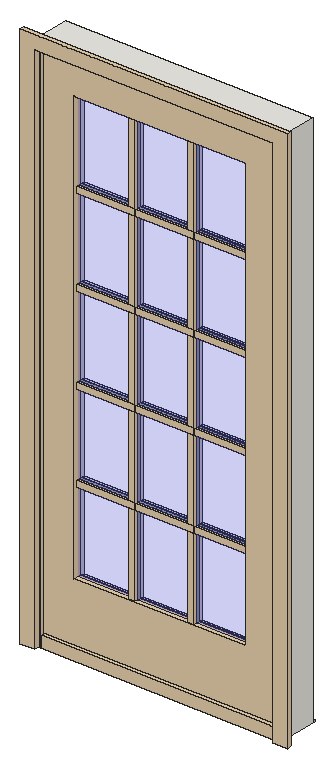
Revit family "Door-Inswing-Andersen-400_Series-Single 3", category Doors, host Wall, Revit 2013
Parameters
  Visual Light Transmittance = 0.37  # constant formula
  Type Comments = "Vinyl-clad wood single inswing door"  # constant formula
  Thermal Resistance (R) = 0.58703  # 3.3333 (h·ft²·°F)/BTU
  Solar Heat Gain Coefficient = 0.16  # constant formula
  Rough Width = Width + (Rough Opening Offset * 2)  # 3' - 1"
  Rough Height = if(1 > 0, Height + 0' 0 1/2", 0' 0")  # 6' - 8 1/2"
  Learn About These Parameters = "http://www.andersenwindows.com/for-professionals/cad-symbols-bim-support-window-doors/bim-support"
  Heat Transfer Coefficient (U) = 1.7035  # 0.3000 BTU/(h·ft²·°F)
  Grille Bar Sizes = "3/4'', 7/8'', 1 1/8'', 2 1/4''"  # constant formula
  Between Glass Grille Bar Sizes = "3/4'', 1''"  # constant formula
  Interior Trim Visibility = yes
  Grille Bar Size = 0' - 0 7/8"
  Enter Pattern Number = 1
  ..Pattern Number 1 = "Colonial"  # constant formula
  . . Lights Wide = 3
  . . Lights High = 5
  ..Pattern Number 2 = "Modified Colonial"  # constant formula
  ..Pattern Number 3 = "Prairie"  # constant formula
  ..Pattern Number 4 = "Short Fractional"  # constant formula
  ..Pattern Number 5 = "Tall Fractional"  # constant formula
  Extension Jamb Visibility = yes
  Enter Exterior Trim Number = 0
  ..Exterior Trim Number 0 = "No Exterior Trim"  # constant formula
  ..Exterior Trim Number 1 = "Brick Mould"  # constant formula
  ..Exterior Trim Number 2 = "3 1/2'' Flat Casing"  # constant formula
  ..Exterior Trim Number 3 = "4 1/2'' Flat Casing"  # constant formula
  Interior Grille Bar Visibility = yes
  Exterior Grille Bar Visibility = yes
  Between Glass Grille Bar Visibility = yes
  xjamb Visibility [instance] = and(Extension Jamb Visibility, Wall Depth > 0' 4 9/16")  # no
  xjamb S1 [instance] = if(Wall Depth < 0' 4 5/8", 0' 0 1/16", 0' 0")  # 0' - 0 1/16"
  casingS2 = if(Enter Exterior Trim Number = 1, 0' 0 3/16", 0' 0 3/16")  # 0' - 0 3/16"
  casingS1 = if(Enter Exterior Trim Number = 1, 0' 0 7/16", 0' 0 3/16")  # 0' - 0 3/16"
  casing4 = if(Enter Exterior Trim Number = 1, 0' 1 3/4", if(Enter Exterior Trim Number = 2, 0' 3 1/4", 0' 4 1/4"))  # 0' - 4 1/4"
  casing3 = 0' - 0 1/2"  # constant formula
  casing2 = 0' - 0 7/8"  # constant formula
  casing1 = 0' - 0 1/4"  # constant formula
  Wall Thickness [instance] = 0' - 8"
  Wall Depth [instance] = 0' - 4 9/16"
  Void Offset 1 [instance] = if(Enter Exterior Trim Number > 0, casing4, 0' 0")  # 0' - 0"
  Void Depth [instance] = if(Wall Thickness > Wall Depth, 0' 1" + Wall Thickness - Wall Depth, 0' 1")  # 0' - 4 7/16"
  VGB DLO = if(Enter Pattern Number = 3, 0' 4", (H DLO - (Grille Bar Size * (V Bars))) / if(LWide > 2, LWide, 3))  # 0' - 7.83333"
  V Bars = if(Enter Pattern Number = 3, 2, if(LWide > 2, LWide - 1, 2))  # 2
  URL = "www.andersenwindows.com"
  TS V DLO = Height - HGO - SGO  # 5' - 3 7/8"
  TS V Bar Length = if(or(Enter Pattern Number = 5, Enter Pattern Number = 2), ((((Height - HGO - SGO - (Grille Bar Size * (Fractional Lights High - 1))) / Fractional Lights High)) * TFL) + (TFB * Grille Bar Size), if(Enter Pattern Number = 4, ((Height - HGO - SGO - (Grille Bar Size * (Fractional Lights High - 1))) / Fractional Lights High), Height - HGO - SGO))  # 5' - 3 7/8"
  TS SH DLO = if(or(Enter Pattern Number = 5, Enter Pattern Number = 2), ((((Height - HGO - SGO - (Grille Bar Size * (Fractional Lights High - 1))) / Fractional Lights High)) * TFL) + (TFB * Grille Bar Size) + HGO + (Grille Bar Size / 2), if(Enter Pattern Number = 4, TS V Bar Length + HGO + (Grille Bar Size / 2), (TS V DLO / 2) + HGO))  # 3' - 1 9/16"
  TS S V = or(and(LWide = 2, Enter Pattern Number = 1), and(Fractional Lights Wide = 2, or(or(Enter Pattern Number = 2, Enter Pattern Number = 4), Enter Pattern Number = 5)))  # no
  TS S H Craftsman = and(Enter Pattern Number = 2, or(Fractional Lights High = 4, Fractional Lights High = 5))  # no
  TS S H = or(or(or(and(. . Lights High = 2, Enter Pattern Number = 1), and(Enter Pattern Number = 4, Fractional Lights High > 1)), and(Enter Pattern Number = 5, Fractional Lights High > 1)), and(Enter Pattern Number = 2, Fractional Lights High > 1))  # no
  TS M V = or(or(or(or(or(and(LWide > 2, Enter Pattern Number = 1), and(LWide > 2, Enter Pattern Number = 2)), Enter Pattern Number = 3), Enter Pattern Number = 4), Enter Pattern Number = 5), and(LWide > 2, Enter Pattern Number = 6))  # yes
  TS M H = or(or(Enter Pattern Number = 3, and(. . Lights High > 2, Enter Pattern Number = 1)), and(Enter Pattern Number = 2, Fractional Lights High > 5))  # yes
  TS HGB DLO = if(Enter Pattern Number = 1, if(. . Lights High > 2, ((TS V Bar Length - (Grille Bar Size * (. . Lights High - 1))) / . . Lights High), 0' 4"), if(Enter Pattern Number = 3, 0' 4", if(Fractional Lights High > 2, ((TS V Bar Length - (Grille Bar Size * 2)) / 3), 0' 4")))  # 1' - 0.075"
  TS H Bars = if(Enter Pattern Number = 3, 2, if(Enter Pattern Number = 1, if(. . Lights High > 2, . . Lights High - 1, 2), 2))  # 4
  TFL = if(Fractional Lights High > 5, 3, if(or(Fractional Lights High = 4, Fractional Lights High = 5), 2, if(or(Fractional Lights High = 2, Fractional Lights High = 3), 1, 1)))  # 3
  TFB = TFL - 1  # 2
  Sill Interior Offset [instance] = 0' - 0"  # constant formula
  Sill Height [instance] = 0' - 1 11/16"  # constant formula
  Rough Opening Offset = 0' - 0 1/4"
  Panel Bottom Inset [instance] = 0' - 1 7/8"  # constant formula
  Sill Depth [instance] = 0' - 6 7/32"  # constant formula
  SGO = 0' - 10 1/2"  # constant formula
  Product Documentation Link = "http://www.andersenwindows.com/products/400-series-frenchwood-hinged-patio-door/"
  Panel Width = Width - 0' 1 3/16" - 0' 1 3/16"  # 2' - 10 1/8"
  Panel Height [instance] = CTRL Height - 0' 1 3/16" - Panel Bottom Inset  # 6' - 4 15/16"
  Nail Fin Visibility = Enter Exterior Trim Number = 0  # yes
  Model = "400 Series"  # constant formula
  Masonry Width = if(Enter Exterior Trim Number > 0, Width + ((casing4 + Masonry Opening Offset) * 2), Width + (Masonry Opening Offset * 2))  # 3' - 1"
  Masonry Opening Offset = 0' - 0 1/4"
  Masonry Height = if(Enter Exterior Trim Number > 0, Height + (casing4 + 0' 0 1/2"), Height + 0' 0 1/2")  # 6' - 8 1/2"
  Manufacturer = "Andersen Corporation"  # constant formula
  LWide = if(Enter Pattern Number = 3, 3, if(Enter Pattern Number = 1, . . Lights Wide, Fractional Lights Wide))  # 3
  JGO = 0' - 5 5/8"  # constant formula
  Is Outswing = 1 = 1  # yes
  Interior Unit Finish = Wood - Andersen - Pine
  Interior Trim Size = 0' - 2 1/4"
  HGO = 0' - 5 5/8"  # constant formula
  H DLO = Width - (JGO * 2)  # 2' - 1 1/4"
  Glazing Material = Glass ‐ Andersen - Low-E4 SmartSun
  Function = Exterior
  Height = 6' - 8"
  Wall Closure = By host
  Width = 3' - 0 1/2"
  Frame Interior Inset [instance] = 0' - 0"  # constant formula
  Frame Depth [instance] = 0' - 5 7/8"  # constant formula
  Fractional Lights Wide = 4
  Fractional Lights High = 6
  Family Version = "06.01.14"  # constant formula
  Exterior Unit Finish = Fiberglass - Andersen - White
  Exterior Trim Finish = Fibrex Composite - Andersen - White
  Designation = "FWH"
  Description = "Vinyl-clad wood single inswing door"  # constant formula
  Coarse Plan [instance] = if(Wall Depth > Wall Thickness, Wall Thickness, Wall Depth)  # 0' - 4 9/16"
  Casing Visibility [instance] = Enter Exterior Trim Number > 0  # no
  CTRL Height [instance] = Height  # 6' - 8"
  Between Glass Grille Bar Finish = Stainless Steel - Andersen - Standard
  BS V DLO = Height - HGO - SGO  # 5' - 3 7/8"
  BS SH DLO = if(Enter Pattern Number = 5, SGO + 0' 4" + (Grille Bar Size / 2), (BS V DLO / 2) + SGO)  # 3' - 6 7/16"
  BS S V = and(LWide = 2, Enter Pattern Number = 1)  # no
  BS M V = or(or(and(LWide > 2, Enter Pattern Number = 1), Enter Pattern Number = 3), Enter Pattern Number = 5)  # yes
  Assembly Code = "B2030100"
Reference planes (in)
  plane 1 "Center (Front/Back)": y = 0
  plane 2 "Center (Left/Right)": x = 0
  plane 3 "R Frame": x = -18.25
  plane 4 "L Frame": x = 18.25
  plane 5 "T Frame": z = 80
  plane 6 "Wall S1": y = 4
  plane 7 "Wall S2": y = -4
  plane 8 "Interior Casing": y = -4.625
  plane 9 "Frame S2": y = -4
  plane 10 "Flange": y = 0.5625
  plane 11 "Casing S2": y = 2.0625
  plane 12 "Casing S1": y = 2.0625
  plane 13 "Exterior Offset": y = 5
  plane 14 "Coarse Detail Plan": y = 1.5625
  plane 15 "R Rough Opening": x = -18.5
  plane 16 "R Casing 1": x = -18
  plane 17 "R Casing 2": x = -21.625
  plane 18 "R Casing 3": x = -22
  plane 19 "R Casing 4": x = -22.5
  plane 20 "R Masonry Opening": x = -18.5
  plane 21 "L Masonry Opening": x = 18.5
  plane 22 "L Casing 4": x = 22.5
  plane 23 "L Casing 3": x = 22
  plane 24 "L Casing 2": x = 21.625
  plane 25 "L Casing 1": x = 18
  plane 26 "L Rough Opening": x = 18.5
  plane 27 "T Rough Opening": z = 80.5
  plane 28 "T Casing 1": z = 79.75
  plane 29 "T Casing 2": z = 83.375
  plane 30 "T Casing 3": z = 83.75
  plane 31 "T Casing 4": z = 84.25
  plane 32 "T Masonry Opening": z = 80.5
  plane 33 "R Int Casing": x = -19.75
  plane 34 "R Xjamb 2": x = -18.125
  plane 35 "R Ext Frame": x = -17.21875
  plane 36 "L Int Casing": x = 19.75
  plane 37 "L Xjamb 2": x = 18.125
  plane 38 "L Ext Frame": x = 17.21875
  plane 39 "T Int Casing": z = 81.21875
  plane 40 "T Xjamb 2": z = 79.875
  plane 41 "T Ext Frame": z = 78.96875
  plane 42 "L Panel": x = 17.0625
  plane 43 "R Panel": x = -17.0625
  plane 44 "T Panel": z = 78.8125
  plane 45 "B Panel": z = 1.875
  plane 46 "B Glazing": z = 10.5
  plane 47 "T Glazing": z = 74.375
  plane 48 "L Glazing": x = 12.625
  plane 49 "R Glazing": x = -12.625
  plane 50 "Panel1 S1": y = -1.8125
  plane 51 "Panel1 S2": y = -3.53125
  plane 52 "Xjamb S1": y = -3.9375
  plane 53 "Frame S1": y = 1.875
  plane 54 "Stop Exterior": y = -0.64368
  plane 55 "Stop Interior": y = -1.781
  plane 56 "Sill Interior": y = -4
  plane 57 "Sill Exterior": y = 2.21875
  plane 58 "L Stop": x = 16.1875
  plane 59 "R Stop": x = -16.1875
  plane 60 "T Stop": z = 77.9375
  plane 61 "Sill Height": z = 1.6875
  plane 62 "Glass1 S1": y = -2.21875
  plane 63 "Glass1 S3": y = -2.8125
  plane 64 "Glass1 S2": y = -2.375
  plane 65 "Glass1 S4": y = -2.96875
  plane 66 "Vert Bar length": z = 10.5
  plane 67 "L Xjamb 1": x = 17.5
  plane 68 "R Xjamb S1": x = -17.5
  plane 69 "T Xjamb S1": z = 79.25
  plane 70 "Center Elevation": z = 40.34375
Forms (in)
  Extrusion 1, void
    sketch origin (0, 0, 0) x (1, 0, 0) y (0, 0, 1)
      loop
        line (18.25, 80) -> (-18.25, 80) -> (-18.25, 0) -> (18.25, 0) -> (18.25, 80)
    from -0.5625 to 4
  Extrusion 2, void
    sketch origin (0, 0, 0) x (1, 0, 0) y (0, 0, 1)
      loop
        line (18.25, 80) -> (-18.25, 80) -> (-18.25, 0) -> (18.25, 0) -> (18.25, 80)
    from -16 to -0.5625
  Sweep 3, solid, material "Fibrex Composite - Andersen - White" <- "Exterior Trim Finish", visible <- "Casing Visibility", detail levels medium+fine
    path origin (0, 0.5625, 0) x (-1, 0, 0) y (0, 0, 1)
      loop
        line (-22.5, 0) -> (-22.5, 84.25) -> (22.5, 84.25) -> (22.5, 0)
    profile origin (22.5, 0.5625, 42.125) x (1, 0, 0) y (0, 1, 0)
      loop
        line (-0.875, 1.5) -> (-4.5, 1.5) -> (-4.5, 0) -> (0, 0) -> (0, 1.5) -> (-0.5, 1.5) -> (-0.875, 1.5)
  Extrusion 4, solid, material "Fibrex Composite - Andersen - White" <- "Exterior Trim Finish", visible <- "Casing Visibility", detail levels coarse
    sketch origin (0, 0.5625, 0) x (-1, 0, 0) y (0, 0, 1)
      loop
        line (-18, 79.75) -> (18, 79.75) -> (18, 0) -> (22.5, 0) -> (22.5, 84.25) -> (-22.5, 84.25) -> (-22.5, 0) -> (-18, 0) -> (-18, 79.75)
    from 0 to 1.4375
  Extrusion 5, solid, material "Wood - Andersen - Pine" <- "Interior Unit Finish", visible <- "Interior Trim Visibility", detail levels fine
    sketch origin (0, 0, 0) x (1, 0, 0) y (0, 0, 1)
      loop
        line (-17.5, 79.25) -> (17.5, 79.25) -> (17.5, 0) -> (19.75, 0) -> (19.75, 81.21875) -> (-19.75, 81.21875) -> (-19.75, 0) -> (-17.5, 0) -> (-17.5, 79.25)
    from 4 to 4.625
  Extrusion 6, solid, material "Wood - Andersen - Pine" <- "Interior Unit Finish", visible <- "xjamb Visibility", detail levels medium+fine
    sketch origin (0, 0, 0) x (1, 0, 0) y (0, 0, 1)
      loop
        line (-18.125, 0) -> (-17.5, 0) -> (-17.5, 79.25) -> (17.5, 79.25) -> (17.5, 0) -> (18.125, 0) -> (18.125, 79.875) -> (-18.125, 79.875) -> (-18.125, 0)
    from 3.9375 to 4
  Sweep 7, solid, material "Fiberglass - Andersen - White" <- "Exterior Unit Finish", detail levels medium+fine
    path origin (0, 0.5625, 0) x (-1, 0, 0) y (0, 0, 1)
      loop
        line (-18.25, 0) -> (-18.25, 80) -> (18.25, 80) -> (18.25, 0)
    profile origin (18.25, 0.5625, 40) x (1, 0, 0) y (0, 1, 0)
      loop
        line (0, -4.5625) -> (0, 1.3125) -> (-1.03125, 1.3125) -> (-1.03125, 0.19085) -> (-1.375, -0.04984) -> (-1.375, -1.051) -> (-2.0625, -1.20618) -> (-2.0625, -2.3435) -> (-1.61, -2.3435) -> (-1.61, -2.7805) -> (-1.03125, -2.7805) -> (-1.03125, -4.5625) -> (0, -4.5625)
  Sweep 8, solid, material "Fiberglass - Andersen - White" <- "Exterior Unit Finish", detail levels coarse
    path origin (-0.30351, 0.5625, 0) x (-1, 0, 0) y (0, 0, 1)
      loop
        line (-18.55351, 0) -> (-18.55351, 80) -> (17.94649, 80) -> (17.94649, 0)
    profile origin (18.25, 0.5625, 40) x (1, 0, 0) y (0, 1, 0)
      loop
        line (-1.03125, -4.5625) -> (0, -4.5625) -> (0, 1.3125) -> (-1.03125, 1.3125) -> (-1.03125, -4.5625)
  Sweep 9, solid, material "Aluminum - Andersen - Painted - Sandtone", detail levels medium+fine
    path origin (0, 0.5625, 0) x (-1, 0, 0) y (0, 0, 1)
      loop
        line (-18.25, 0) -> (18.25, 0)
    profile origin (0, 0.5625, 0) x (0, 0, 1) y (0, 1, 0)
      loop
        line (0.766, 0.0005) -> (0.25, 0.0005) -> (0.17176, 1.65625) -> (0, 1.65625) -> (0, -4.5625) -> (1.6875, -4.5625) -> (1.6875, -2.7805) -> (2.172, -2.7805) -> (2.172, -2.3745) -> (0.97176, -2.3745) -> (0.766, 0.0005)
  Sweep 10, solid, material "Aluminum - Andersen - Painted - Sandtone", detail levels coarse
    path origin (0, 0.5625, 0) x (-1, 0, 0) y (0, 0, 1)
      loop
        line (-18.25, 1.875) -> (18.25, 1.875)
    profile origin (0, 0.5625, 1.875) x (0, 0, 1) y (0, 1, 0)
      loop
        line (0, 1.65625) -> (-1.875, 1.65625) -> (-1.875, -4.5625) -> (0, -4.5625) -> (0, 1.65625)
  Sweep 11, solid, material "Wood - Andersen - Pine" <- "Interior Unit Finish"
    path origin (0, 0.5625, 4.24484) x (-1, 0, 0) y (0, 0, 1)
      loop
        line (-12.625, 6.25516) -> (12.625, 6.25516)
    profile origin (0, 0.5625, 10.5) x (0, 0, 1) y (0, 1, 0)
      loop
        line (-8.625, -4.09375) -> (0, -4.09375) -> (0, -2.78125) -> (-8.625, -2.78125) -> (-8.625, -4.09375)
      loop
        line (63.875, -4.09375) -> (68.3125, -4.09375) -> (68.3125, -2.78125) -> (63.875, -2.78125) -> (63.875, -4.09375)
  Sweep 12, solid, material "Fiberglass - Andersen - White" <- "Exterior Unit Finish"
    path origin (0, -2.21875, 0) x (-1, 0, 0) y (0, 0, 1)
      loop
        line (-12.625, 10.5) -> (12.625, 10.5)
    profile origin (0, -2.21875, 10.5) x (0, 0, 1) y (0, 1, 0)
      loop
        line (-8.625, 0) -> (0, 0) -> (0, 0.40625) -> (-8.625, 0.40625) -> (-8.625, 0)
      loop
        line (63.875, 0) -> (68.3125, 0) -> (68.3125, 0.40625) -> (63.875, 0.40625) -> (63.875, 0)
  Sweep 13, solid, material "Wood - Andersen - Pine" <- "Interior Unit Finish"
    path origin (0, 0.5625, 0) x (-1, 0, 0) y (0, 0, 1)
      loop
        line (0, 1.875) -> (0, 78.8125)
    profile origin (0, 0.5625, 40.34375) x (1, 0, 0) y (0, 1, 0)
      loop
        line (-17.0625, -2.78125) -> (-17.0625, -4.09375) -> (-12.625, -4.09375) -> (-12.625, -2.78125) -> (-17.0625, -2.78125)
      loop
        line (17.0625, -2.78125) -> (12.625, -2.78125) -> (12.625, -4.09375) -> (17.0625, -4.09375) -> (17.0625, -2.78125)
  Sweep 14, solid, material "Fiberglass - Andersen - White" <- "Exterior Unit Finish"
    path origin (0.20798, 0.5625, 0) x (-1, 0, 0) y (0, 0, 1)
      loop
        line (0.20798, 1.875) -> (0.20798, 78.8125)
    profile origin (0, 0.5625, 40.34375) x (1, 0, 0) y (0, 1, 0)
      loop
        line (-17.0625, -2.375) -> (-17.0625, -2.78125) -> (-12.625, -2.78125) -> (-12.625, -2.375) -> (-17.0625, -2.375)
      loop
        line (17.0625, -2.375) -> (12.625, -2.375) -> (12.625, -2.78125) -> (17.0625, -2.78125) -> (17.0625, -2.375)
  Sweep 15, void
    path origin (0, 0.5625, 0) x (-1, 0, 0) y (0, 0, 1)
      loop
        line (17.0625, 1.875) -> (17.0625, 78.8125) -> (-17.0625, 78.8125) -> (-17.0625, 1.875) -> (17.0625, 1.875)
    profile origin (0, 0.5625, 1.875) x (0, 0, -1) y (0, 1, 0)
      loop
        line (-0.297, -2.375) -> (-0.297, -2.81175) -> (0, -2.81175) -> (0, -2.375) -> (-0.297, -2.375)
  Sweep 16, solid, material "Glass ‐ Andersen - Low-E4 SmartSun" <- "Glazing Material"
    path origin (0, 0, 0) x (0, 1, 0) y (0, 0, 1)
      loop
        line (-2.21875, 10.5) -> (-2.8125, 10.5)
    profile origin (0, -2.51562, 10.5) x (0, 0, -1) y (1, 0, 0)
      loop
        line (-63.875, 12.625) -> (-63.875, -12.625) -> (0, -12.625) -> (0, 12.625) -> (-63.875, 12.625)
  Sweep 17, void
    path origin (0, 0, 0) x (1, 0, 0) y (0, 0, 1)
      loop
        line (0, 0) -> (0, 1.875)
    profile origin (0, 0, 0.9375) x (-1, 0, 0) y (0, -1, 0)
      loop
        line (-17.21875, -1.875) -> (-17.21875, 4) -> (-18.25, 4) -> (-18.25, -1.875) -> (-17.21875, -1.875)
      loop
        line (17.21875, -1.875) -> (18.25, -1.875) -> (18.25, 4) -> (17.21875, 4) -> (17.21875, -1.875)
  Sweep 18, void
    path origin (4.25, 0.5625, 0) x (-1, 0, 0) y (0, 0, 1)
      loop
        line (4.25, 0) -> (4.25, 10.5)
    profile origin (0, 0.5625, 5.25) x (1, 0, 0) y (0, 1, 0)
      loop
        line (18.25, -4.5625) -> (18.25, 1.3125) -> (17.21875, 1.3125) -> (17.21875, 0.19085) -> (16.875, -0.04984) -> (16.875, -1.051) -> (16.1875, -1.20618) -> (16.1875, -2.3435) -> (16.64, -2.3435) -> (16.64, -2.7805) -> (17.21875, -2.7805) -> (17.21875, -4.5625) -> (18.25, -4.5625)
      loop
        line (-18.25, -4.5625) -> (-17.21875, -4.5625) -> (-17.21875, -2.7805) -> (-16.64, -2.7805) -> (-16.64, -2.3435) -> (-16.1875, -2.3435) -> (-16.1875, -1.20618) -> (-16.875, -1.051) -> (-16.875, -0.04984) -> (-17.21875, 0.19085) -> (-17.21875, 1.3125) -> (-18.25, 1.3125) -> (-18.25, -4.5625)
Cuts and joins
  Sweep 15 cuts Sweep 11
  Sweep 15 cuts Sweep 13
  joined: Sweep 11, Sweep 13
  Sweep 15 cuts Sweep 12
  Sweep 15 cuts Sweep 14
  joined: Sweep 12, Sweep 14
  Sweep 17 cuts Sweep 10
  Sweep 18 cuts Sweep 9
Lines and regions (in)
  Masking region 1, visible <- "Casing Visibility"
    outline origin (0, 0, 0) x (0, 1, 0) y (0, 0, 1)
      loop
        line (0.5625, 80) -> (1.875, 80) -> (1.875, 0) -> (2.0625, 0) -> (2.0625, 84.25) -> (0.5625, 84.25) -> (0.5625, 80)
  Masking region 2
    outline origin (0, 0, 0) x (1, 0, 0) y (0, 1, 0)
      loop
        line (-18.25, 2.21875) -> (-18.25, -4) -> (18.25, -4) -> (18.25, 2.21875) -> (-18.25, 2.21875)
  Masking region 3
    outline origin (0, 0, 0) x (0, 1, 0) y (0, 0, 1)
      loop
        line (1.875, 80) -> (-4, 80) -> (-4, 0) -> (1.875, 0) -> (1.875, 80)
  Masking region 4, visible <- "Casing Visibility", detail levels fine
    outline origin (0, 0, 0) x (1, 0, 0) y (0, 1, 0)
      loop
        line (-22, 2.0625) -> (-22.5, 2.0625) -> (-22.5, 0.5625) -> (-18.25, 0.5625) -> (-18.25, 1.875) -> (-18, 1.875) -> (-18, 2.0625) -> (-21.625, 2.0625) -> (-22, 2.0625)
  Masking region 5, visible <- "Casing Visibility", detail levels fine
    outline origin (0, 0, 0) x (1, 0, 0) y (0, 1, 0)
      loop
        line (22, 2.0625) -> (21.625, 2.0625) -> (18, 2.0625) -> (18, 1.875) -> (18.25, 1.875) -> (18.25, 0.5625) -> (22.5, 0.5625) -> (22.5, 2.0625) -> (22, 2.0625)
  Masking region 6, visible <- "Casing Visibility", detail levels coarse+medium
    outline origin (0, 0, 0) x (1, 0, 0) y (0, 1, 0)
      loop
        line (-22.5, 2.0625) -> (-22.5, 0.5625) -> (-18.25, 0.5625) -> (-18.25, 2.0625) -> (-22.5, 2.0625)
  Masking region 7, visible <- "Casing Visibility", detail levels coarse+medium
    outline origin (0, 0, 0) x (1, 0, 0) y (0, 1, 0)
      loop
        line (18.25, 2.0625) -> (18.25, 0.5625) -> (22.5, 0.5625) -> (22.5, 2.0625) -> (18.25, 2.0625)
  Masking region 8, visible <- "Casing Visibility"
    outline origin (0, 2.625, 0) x (-1, 0, 0) y (0, 0, 1)
      loop
        line (-22.5, 84.25) -> (-22.5, 0) -> (-18.25, 0) -> (-18.25, 80) -> (18.25, 80) -> (18.25, 0) -> (22.5, 0) -> (22.5, 84.25) -> (-22.5, 84.25)
  Masking region 9, visible <- "Interior Trim Visibility", detail levels fine
    outline origin (0, -4.625, 0) x (-1, 0, 0) y (0, 0, 1)
      loop
        line (-19.75, 81.21875) -> (-19.75, 0) -> (-18.25, 0) -> (-18.25, 80) -> (18.25, 80) -> (18.25, 0) -> (19.75, 0) -> (19.75, 81.21875) -> (-19.75, 81.21875)
  Masking region 10
    outline origin (0, -0.64368, 0) x (-1, 0, 0) y (0, 0, 1)
      loop
        line (-18.25, 80) -> (-18.25, 0) -> (18.25, 0) -> (18.25, 80) -> (-18.25, 80)
      loop
        line (-16.1875, 77.9375) -> (-16.1875, 1.6875) -> (16.1875, 1.6875) -> (16.1875, 77.9375) -> (-16.1875, 77.9375)
  Masking region 11
    outline origin (0, -1.8125, 0) x (-1, 0, 0) y (0, 0, 1)
      loop
        line (-17.0625, 78.8125) -> (-17.0625, 1.875) -> (17.0625, 1.875) -> (17.0625, 78.8125) -> (-17.0625, 78.8125)
  Masking region 12, visible <- "Interior Trim Visibility", detail levels fine
    outline origin (0, 0, 0) x (1, 0, 0) y (0, 1, 0)
      loop
        line (-19.75, -4) -> (-19.75, -4.625) -> (-17.5, -4.625) -> (-17.5, -4) -> (-19.75, -4)
  Masking region 13, visible <- "xjamb Visibility", detail levels medium+fine
    outline origin (0, 0, 0) x (1, 0, 0) y (0, 1, 0)
      loop
        line (-18.125, -3.9375) -> (-18.125, -4) -> (-17.5, -4) -> (-17.5, -3.9375) -> (-18.125, -3.9375)
  Masking region 14, visible <- "Interior Trim Visibility", detail levels fine
    outline origin (0, 0, 0) x (1, 0, 0) y (0, 1, 0)
      loop
        line (17.5, -4) -> (17.5, -4.625) -> (19.75, -4.625) -> (19.75, -4) -> (17.5, -4)
  Masking region 15, visible <- "xjamb Visibility", detail levels medium+fine
    outline origin (0, 0, 0) x (1, 0, 0) y (0, 1, 0)
      loop
        line (17.5, -3.9375) -> (17.5, -4) -> (18.125, -4) -> (18.125, -3.9375) -> (17.5, -3.9375)
  Masking region 16, visible <- "xjamb Visibility", detail levels medium+fine
    outline origin (0, 0, 0) x (0, 1, 0) y (0, 0, 1)
      loop
        line (-3.9375, 79.875) -> (-4, 79.875) -> (-4, 0) -> (-3.9375, 0) -> (-3.9375, 79.875)
  Masking region 17, visible <- "Interior Trim Visibility", detail levels fine
    outline origin (0, 0, 0) x (0, 1, 0) y (0, 0, 1)
      loop
        line (-4, 81.21875) -> (-4.625, 81.21875) -> (-4.625, 0) -> (-4, 0) -> (-4, 81.21875)
  Split face 1
    outline origin (18.25, 2.21875, 1.875) x (-1, 0, 0) y (0, -1, 0)
      loop
        line (36.5, 4.4375) -> (0, 4.4375)
  Split face 2
    outline origin (-17.21875, -4, 78.96875) x (0, 0, -1) y (0, 1, 0)
      loop
        line (0, 1.78125) -> (78.96875, 1.78125)
  Split face 3
    outline origin (17.21875, -4, 78.96875) x (0, 1, 0) y (-1, 0, 0)
      loop
        line (1.78125, 34.4375) -> (1.78125, 0)
  Split face 4
    outline origin (17.21875, -4, 0) x (0, 0, 1) y (0, 1, 0)
      loop
        line (78.96875, 1.78125) -> (0, 1.78125)
  symbolic lines, style "DoorsFrameMullionProjection", visible <- "Casing Visibility", detail levels medium+fine
    curve 1: line (0, 2.0625, 83.75) -> (0, 2.0625, 83.375)
    curve 2: line (0, 2.0625, 83.375) -> (0, 2.0625, 79.75)
    curve 3: line (0, 2.0625, 79.75) -> (0, 1.875, 79.75)
  symbolic lines, style "DoorsFrameMullionProjection", detail levels coarse
    curve 4: line (0, 1.875, 80) -> (0, 2.0625, 80)
    curve 31: line (-17.21875, 1.875, 1.875) -> (-18.25, 1.875, 1.875)
    curve 32: line (17.21875, 1.875, 1.25) -> (17.21875, -4, 1.25)
    curve 33: line (17.21875, 1.875, 1.25) -> (18.25, 1.875, 1.25)
    curve 46: line (-17.21875, 1.875, 1.25) -> (-17.21875, -4, 1.25)
    curve 47: line (-17.21875, 1.875, 1.25) -> (-18.25, 1.875, 1.25)
    curve 84: line (0, 2.21875, 0) -> (0, 2.21875, 1.6875)
    curve 85: line (0, 2.21875, 1.6875) -> (0, -4, 1.6875)
    curve 231: line (18.125, 1.875, 1.875) -> (17.21875, 1.875, 1.875)
    curve 235: line (0, -4, 78.96875) -> (0, 1.875, 78.96875)
    curve 266: line (0, -2.46775, 78.8125) -> (0, -1.8125, 78.8125)
    curve 267: line (0, -1.8125, 78.8125) -> (0, -1.8125, 78.19615)
  symbolic lines, style "DoorsFrameMullionProjection", detail levels medium+fine
    curve 5: line (-17.875, -4, 1.875) -> (-18.25, -4, 1.875)
    curve 34: line (17.21875, -4, 1.25) -> (17.21875, -2.218, 1.25)
    curve 35: line (17.21875, -2.218, 1.25) -> (16.64, -2.218, 1.25)
    curve 36: line (16.1875, -1.781, 1.25) -> (16.1875, -0.64368, 1.25)
    curve 37: line (16.875, 0.51266, 1.25) -> (17.21875, 0.75335, 1.25)
    curve 38: line (17.21875, 0.75335, 1.25) -> (17.21875, 1.875, 1.25)
    curve 39: line (18.25, 1.875, 1.25) -> (18.25, -4, 1.25)
    curve 41: line (16.64, -1.781, 1.25) -> (16.1875, -1.781, 1.25)
    curve 42: line (16.64, -2.218, 1.25) -> (16.64, -1.781, 1.25)
    curve 43: line (16.875, -0.4885, 1.25) -> (16.875, 0.51266, 1.25)
    curve 44: line (16.1875, -0.64368, 1.25) -> (16.875, -0.4885, 1.25)
    curve 48: line (-17.21875, -4, 1.25) -> (-17.21875, -2.218, 1.25)
    curve 49: line (-17.21875, -2.218, 1.25) -> (-16.64, -2.218, 1.25)
    curve 50: line (-16.1875, -1.781, 1.25) -> (-16.1875, -0.64368, 1.25)
    curve 51: line (-16.875, 0.51266, 1.25) -> (-17.21875, 0.75335, 1.25)
    curve 52: line (-17.21875, 0.75335, 1.25) -> (-17.21875, 1.875, 1.25)
    curve 53: line (-18.25, 1.875, 1.25) -> (-18.25, -4, 1.25)
    curve 55: line (-16.64, -1.781, 1.25) -> (-16.1875, -1.781, 1.25)
    curve 56: line (-16.64, -2.218, 1.25) -> (-16.64, -1.781, 1.25)
    curve 57: line (-16.875, -0.4885, 1.25) -> (-16.875, 0.51266, 1.25)
    curve 58: line (-16.1875, -0.64368, 1.25) -> (-16.875, -0.4885, 1.25)
    curve 86: line (0, 0.5625, 0.25002) -> (0, 2.21875, 0.17176)
    curve 87: line (0, 2.21875, 0.17176) -> (0, 2.21875, 0)
    curve 88: line (0, -4, 0) -> (0, -4, 1.6875)
    curve 89: line (0, -1.812, 0.97176) -> (0, -1.812, 2.172)
    curve 90: line (0, -1.812, 0.97176) -> (0, 0.5625, 0.76604)
    curve 91: line (0, 0.5625, 0.76604) -> (0, 0.5625, 0.25002)
    curve 92: line (0, -2.218, 1.6875) -> (0, -2.218, 2.172)
    curve 93: line (0, -2.218, 2.172) -> (0, -1.812, 2.172)
    curve 94: line (0, -4, 1.6875) -> (0, -2.218, 1.6875)
    curve 236: line (0, -0.64368, 77.9375) -> (0, -1.781, 77.9375)
    curve 237: line (0, -0.4885, 78.625) -> (0, -0.64368, 77.9375)
    curve 238: line (0, -0.4885, 78.625) -> (0, 0.51266, 78.625)
    curve 239: line (0, 0.51266, 78.625) -> (0, 0.75335, 78.96875)
    curve 240: line (0, 0.75335, 78.96875) -> (0, 1.875, 78.96875)
    curve 243: line (0, -4, 80) -> (0, 1.875, 80)
    curve 244: line (0, -1.781, 78.39) -> (0, -1.781, 77.9375)
    curve 245: line (0, -2.218, 78.39) -> (0, -1.781, 78.39)
    curve 246: line (0, -2.218, 78.96875) -> (0, -2.218, 78.39)
    curve 247: line (0, -4, 78.96875) -> (0, -2.218, 78.96875)
    curve 251: line (0, -2.45699, 78.19615) -> (0, -1.8125, 78.19615)
    curve 252: line (0, -2.46775, 78.8125) -> (0, -2.45699, 78.19615)
  symbolic lines, style "DoorsFrameMullionProjection"
    curve 6: line (16.1875, -0.64368, 1.6875) -> (16.1875, -0.64368, 0)
    curve 7: line (-16.1875, -0.64368, 1.6875) -> (-16.1875, -0.64368, 0)
    curve 8: line (-17.21875, -1.8125, 78.96875) -> (-17.21875, -1.8125, 0)
    curve 9: line (17.21875, -1.8125, 78.96875) -> (17.21875, -1.8125, 0)
    curve 13: line (-17.21875, -1.8125, 78.96875) -> (17.21875, -1.8125, 78.96875)
    curve 40: line (18.25, -4, 1.25) -> (17.21875, -4, 1.25)
    curve 45: line (18.25, 1.875, 1.25) -> (17.21875, 1.875, 1.25)
    curve 54: line (-18.25, -4, 1.25) -> (-17.21875, -4, 1.25)
    curve 59: line (-18.25, 1.875, 1.25) -> (-17.21875, 1.875, 1.25)
    curve 241: line (0, 1.875, 78.96875) -> (0, 1.875, 80)
    curve 242: line (0, -4, 78.96875) -> (0, -4, 80)
    curve 248: line (0, -1.8125, 78.19615) -> (0, -1.8125, 74.375)
    curve 249: line (0, -3.53075, 78.8125) -> (0, -3.53075, 74.375)
    curve 250: line (0, -3.53075, 78.8125) -> (0, -2.46775, 78.8125)
    curve 253: line (0, -3.53075, 75.125) -> (0, -2.2185, 75.125)
    curve 254: line (0, -3.4685, 75.125) -> (0, -3.4685, 74.61103)
    curve 255: line (0, -3.53075, 75.125) -> (0, -3.4685, 75.125)
    curve 256: line (0, -2.2185, 75.125) -> (0, -2.2185, 74.375)
    curve 257: line (0, -2.1245, 74.375) -> (0, -1.8125, 74.40532)
    curve 258: line (0, -2.2185, 74.375) -> (0, -2.1245, 74.375)
    curve 259: line (0, -3.0305, 74.375) -> (0, -2.9685, 74.375)
    curve 260: line (0, -3.2165, 74.406) -> (0, -3.0305, 74.375)
    curve 261: line (0, -3.4685, 74.61103) -> (0, -3.2165, 74.406)
    curve 263: line (0, -2.9685, 75.125) -> (0, -2.9685, 74.375)
  symbolic lines, style "DoorsFrameMullionProjection", detail levels fine
    curve 10: line (-17.875, -1.8125, 79.625) -> (-17.875, -1.8125, 0.04794)
    curve 11: line (17.875, -1.8125, 79.625) -> (17.875, -1.8125, 0)
    curve 12: line (-17.875, -1.8125, 79.625) -> (17.875, -1.8125, 79.625)
  symbolic lines, style "DoorsFrameMullionProjection", visible <- "Nail Fin Visibility", detail levels medium+fine
    curve 14: line (-19.875, 0.5625, 0) -> (-18.25, 0.5625, 0)
    curve 15: line (19.875, 0.5625, 0) -> (18.25, 0.5625, 0)
    curve 16: line (0, 0.5625, 81.625) -> (0, 0.5625, 80)
  symbolic lines, style "DoorsFrameMullionProjection", not visible, detail levels medium+fine
    curve 17: line (17.21875, -4.25, 1.25) -> (17.21875, -2.468, 1.25)
    curve 18: line (17.21875, -2.468, 1.25) -> (16.64, -2.468, 1.25)
    curve 19: line (16.1875, -2.031, 1.25) -> (16.1875, -0.89368, 1.25)
    curve 20: line (16.875, 0.26266, 1.25) -> (17.21875, 0.50335, 1.25)
    curve 21: line (17.21875, 0.50335, 1.25) -> (17.21875, 1.625, 1.25)
    curve 22: line (18.25, 1.625, 1.25) -> (18.25, -4.25, 1.25)
    curve 24: line (16.64, -2.031, 1.25) -> (16.1875, -2.031, 1.25)
    curve 25: line (16.64, -2.468, 1.25) -> (16.64, -2.031, 1.25)
    curve 26: line (16.875, -0.7385, 1.25) -> (16.875, 0.26266, 1.25)
    curve 27: line (16.1875, -0.89368, 1.25) -> (16.875, -0.7385, 1.25)
    curve 61: line (0, -0.64368, 77.9375) -> (0, -1.781, 77.9375)
    curve 62: line (0, -0.4885, 78.625) -> (0, -0.64368, 77.9375)
    curve 63: line (0, -0.4885, 78.625) -> (0, 0.51266, 78.625)
    curve 64: line (0, 0.51266, 78.625) -> (0, 0.75335, 78.96875)
    curve 65: line (0, 0.75335, 78.96875) -> (0, 1.875, 78.96875)
    curve 68: line (0, -4, 80) -> (0, 1.875, 80)
    curve 69: line (0, -1.781, 78.39) -> (0, -1.781, 77.9375)
    curve 70: line (0, -2.218, 78.39) -> (0, -1.781, 78.39)
    curve 71: line (0, -2.218, 78.96875) -> (0, -2.218, 78.39)
    curve 72: line (0, -4, 78.96875) -> (0, -2.218, 78.96875)
    curve 75: line (0, 0.5625, 0.25002) -> (0, 2.21875, 0.17176)
    curve 76: line (0, 2.21875, 0.17176) -> (0, 2.21875, 0)
    curve 77: line (0, -4, 0) -> (0, -4, 1.6875)
    curve 78: line (0, -1.812, 0.97176) -> (0, -1.812, 2.172)
    curve 79: line (0, -1.812, 0.97176) -> (0, 0.5625, 0.76604)
    curve 80: line (0, 0.5625, 0.76604) -> (0, 0.5625, 0.25002)
    curve 81: line (0, -2.218, 1.6875) -> (0, -2.218, 2.172)
    curve 82: line (0, -2.218, 2.172) -> (0, -1.812, 2.172)
    curve 83: line (0, -4, 1.6875) -> (0, -2.218, 1.6875)
    curve 138: line (0, -2.45699, 78.19615) -> (0, -1.8125, 78.19615)
    curve 139: line (0, -2.46775, 78.8125) -> (0, -2.45699, 78.19615)
  symbolic lines, style "DoorsFrameMullionProjection", not visible
    curve 23: line (18.25, -4.25, 1.25) -> (17.21875, -4.25, 1.25)
    curve 28: line (18.25, 1.625, 1.25) -> (17.21875, 1.625, 1.25)
    curve 66: line (0, 1.875, 78.96875) -> (0, 1.875, 80)
    curve 67: line (0, -4, 78.96875) -> (0, -4, 80)
    curve 135: line (0, -1.8125, 78.19615) -> (0, -1.8125, 74.375)
    curve 136: line (0, -3.53075, 78.8125) -> (0, -3.53075, 74.375)
    curve 137: line (0, -3.53075, 78.8125) -> (0, -2.46775, 78.8125)
    curve 140: line (0, -3.53075, 75.125) -> (0, -2.2185, 75.125)
    curve 141: line (0, -3.4685, 75.125) -> (0, -3.4685, 74.61103)
    curve 142: line (0, -3.53075, 75.125) -> (0, -3.4685, 75.125)
    curve 143: line (0, -2.2185, 75.125) -> (0, -2.2185, 74.375)
    curve 144: line (0, -2.1245, 74.375) -> (0, -1.8125, 74.40532)
    curve 145: line (0, -2.2185, 74.375) -> (0, -2.1245, 74.375)
    curve 146: line (0, -3.0305, 74.375) -> (0, -2.9685, 74.375)
    curve 147: line (0, -3.2165, 74.406) -> (0, -3.0305, 74.375)
    curve 148: line (0, -3.4685, 74.61103) -> (0, -3.2165, 74.406)
    curve 150: line (0, -2.9685, 75.125) -> (0, -2.9685, 74.375)
  symbolic lines, style "DoorsFrameMullionProjection", not visible, detail levels coarse
    curve 29: line (17.21875, 1.625, 1.25) -> (17.21875, -4.25, 1.25)
    curve 30: line (17.21875, 1.625, 1.25) -> (18.25, 1.625, 1.25)
    curve 60: line (0, -4, 78.96875) -> (0, 1.875, 78.96875)
    curve 73: line (0, 2.21875, 0) -> (0, 2.21875, 1.6875)
    curve 74: line (0, 2.21875, 1.6875) -> (0, -4, 1.6875)
    curve 153: line (0, -2.46775, 78.8125) -> (0, -1.8125, 78.8125)
    curve 154: line (0, -1.8125, 78.8125) -> (0, -1.8125, 78.19615)
  symbolic lines, style "DoorsPanelProjection", not visible
    curve 95: line (0, -1.8125, 2.49066) -> (0, -1.8125, 10.5)
    curve 96: line (0, -3.531, 1.8743) -> (0, -3.531, 10.5)
    curve 97: line (0, -3.531, 1.8743) -> (0, -2.468, 1.8743)
    curve 100: line (0, -3.531, 9.75) -> (0, -2.21875, 9.75)
    curve 101: line (0, -3.46875, 9.75) -> (0, -3.46875, 10.26397)
    curve 102: line (0, -3.531, 9.75) -> (0, -3.46875, 9.75)
    curve 103: line (0, -2.21875, 9.75) -> (0, -2.21875, 10.5)
    curve 104: line (0, -2.12475, 10.5) -> (0, -1.8125, 10.46966)
    curve 105: line (0, -2.21875, 10.5) -> (0, -2.12475, 10.5)
    curve 106: line (0, -3.03075, 10.5) -> (0, -2.96875, 10.5)
    curve 107: line (0, -3.21675, 10.469) -> (0, -3.03075, 10.5)
    curve 108: line (0, -3.46875, 10.26397) -> (0, -3.21675, 10.469)
    curve 110: line (0, -2.96875, 9.75) -> (0, -2.96875, 10.5)
    curve 191: line (17.0625, -3.78125, 0) -> (12.625, -3.78125, 0)
    curve 192: line (16.44615, -2.06275, 0) -> (12.625, -2.06275, 0)
    curve 193: line (17.0625, -2.719, 0) -> (17.0625, -3.78125, 0)
  symbolic lines, style "DoorsPanelProjection", not visible, detail levels medium+fine
    curve 98: line (0, -2.45724, 2.49066) -> (0, -1.8125, 2.49066)
    curve 99: line (0, -2.468, 1.8743) -> (0, -2.45724, 2.49066)
    curve 197: line (16.44615, -2.06275, 0) -> (16.44615, -2.70824, 0)
    curve 198: line (16.44615, -2.70824, 0) -> (17.0625, -2.719, 0)
  symbolic lines, style "DoorsGlassProjection", not visible, detail levels fine
    curve 109: line (0, -2.81275, 10.085) -> (0, -2.37475, 10.085)
    curve 111: line (0, -2.81275, 9.75) -> (0, -2.81275, 10.5)
    curve 112: line (0, -2.37475, 9.75) -> (0, -2.37475, 10.5)
    curve 149: line (0, -2.8125, 74.79) -> (0, -2.3745, 74.79)
    curve 151: line (0, -2.8125, 75.125) -> (0, -2.8125, 74.375)
    curve 152: line (0, -2.3745, 75.125) -> (0, -2.3745, 74.375)
    curve 194: line (13.375, -3.0625, 0) -> (12.625, -3.0625, 0)
    curve 195: line (12.625, -2.625, 0) -> (13.375, -2.625, 0)
    curve 196: line (13.165, -2.625, 0) -> (13.165, -3.0625, 0)
  symbolic lines, style "DoorsPanelProjection", not visible, detail levels coarse
    curve 113: line (0, -2.468, 1.8743) -> (0, -1.8125, 1.8743)
    curve 114: line (0, -1.8125, 1.8743) -> (0, -1.8125, 2.49066)
    curve 199: line (17.0625, -2.06275, 0) -> (16.44615, -2.06275, 0)
    curve 200: line (17.0625, -2.06275, 0) -> (17.0625, -2.719, 0)
  symbolic lines, style "DoorsPanelProjection"
    curve 115: line (0, -1.8125, 2.49066) -> (0, -1.8125, 10.5)
    curve 116: line (0, -3.531, 1.8743) -> (0, -3.531, 10.5)
    curve 117: line (0, -3.531, 1.8743) -> (0, -2.468, 1.8743)
    curve 120: line (0, -3.531, 9.75) -> (0, -2.21875, 9.75)
    curve 121: line (0, -3.46875, 9.75) -> (0, -3.46875, 10.26397)
    curve 122: line (0, -3.531, 9.75) -> (0, -3.46875, 9.75)
    curve 123: line (0, -2.21875, 9.75) -> (0, -2.21875, 10.5)
    curve 124: line (0, -2.12475, 10.5) -> (0, -1.8125, 10.46966)
    curve 125: line (0, -2.21875, 10.5) -> (0, -2.12475, 10.5)
    curve 126: line (0, -3.03075, 10.5) -> (0, -2.96875, 10.5)
    curve 127: line (0, -3.21675, 10.469) -> (0, -3.03075, 10.5)
    curve 128: line (0, -3.46875, 10.26397) -> (0, -3.21675, 10.469)
    curve 130: line (0, -2.96875, 9.75) -> (0, -2.96875, 10.5)
    curve 159: line (0, -3.53125, 10.5) -> (0, -3.53125, 74.375)
    curve 160: line (0, -1.8125, 10.5) -> (0, -1.8125, 74.375)
    curve 171: line (17.0625, -3.53125, 0) -> (12.625, -3.53125, 0)
    curve 172: line (16.44615, -1.81275, 0) -> (12.625, -1.81275, 0)
    curve 173: line (17.0625, -2.469, 0) -> (17.0625, -3.53125, 0)
    curve 211: line (-17.0625, -3.53125, 0) -> (-12.625, -3.53125, 0)
    curve 212: line (-16.44615, -1.81275, 0) -> (-12.625, -1.81275, 0)
    curve 213: line (-17.0625, -2.469, 0) -> (-17.0625, -3.53125, 0)
    curve 225: line (12.625, -1.8125, 0) -> (-12.625, -1.8125, 0)
    curve 226: line (12.625, -3.53125, 0) -> (-12.625, -3.53125, 0)
    curve 227: line (12.625, -1.8125, 74.375) -> (-12.625, -1.8125, 74.375)
    curve 228: line (12.625, -1.8125, 10.5) -> (12.625, -1.8125, 74.375)
    curve 229: line (-12.625, -1.8125, 10.5) -> (12.625, -1.8125, 10.5)
    curve 230: line (-12.625, -1.8125, 74.375) -> (-12.625, -1.8125, 10.5)
  symbolic lines, style "DoorsPanelProjection", detail levels medium+fine
    curve 118: line (0, -2.45724, 2.49066) -> (0, -1.8125, 2.49066)
    curve 119: line (0, -2.468, 1.8743) -> (0, -2.45724, 2.49066)
    curve 177: line (16.44615, -1.81275, 0) -> (16.44615, -2.45824, 0)
    curve 178: line (16.44615, -2.45824, 0) -> (17.0625, -2.469, 0)
    curve 217: line (-16.44615, -1.81275, 0) -> (-16.44615, -2.45824, 0)
    curve 218: line (-16.44615, -2.45824, 0) -> (-17.0625, -2.469, 0)
  symbolic lines, style "DoorsGlassProjection", detail levels fine
    curve 129: line (0, -2.81275, 10.085) -> (0, -2.37475, 10.085)
    curve 131: line (0, -2.81275, 9.75) -> (0, -2.81275, 10.5)
    curve 132: line (0, -2.37475, 9.75) -> (0, -2.37475, 10.5)
    curve 155: line (0, -2.8125, 10.5) -> (0, -2.8125, 74.375)
    curve 156: line (0, -2.375, 10.5) -> (0, -2.375, 74.375)
    curve 174: line (13.375, -2.8125, 0) -> (12.625, -2.8125, 0)
    curve 175: line (12.625, -2.375, 0) -> (13.375, -2.375, 0)
    curve 176: line (13.165, -2.375, 0) -> (13.165, -2.8125, 0)
    curve 214: line (-13.375, -2.8125, 0) -> (-12.625, -2.8125, 0)
    curve 215: line (-12.625, -2.375, 0) -> (-13.375, -2.375, 0)
    curve 216: line (-13.165, -2.375, 0) -> (-13.165, -2.8125, 0)
    curve 221: line (12.625, -2.375, 0) -> (-12.625, -2.375, 0)
    curve 222: line (12.625, -2.8125, 0) -> (-12.625, -2.8125, 0)
    curve 262: line (0, -2.8125, 74.79) -> (0, -2.3745, 74.79)
    curve 264: line (0, -2.8125, 75.125) -> (0, -2.8125, 74.375)
    curve 265: line (0, -2.3745, 75.125) -> (0, -2.3745, 74.375)
  symbolic lines, style "DoorsPanelProjection", detail levels coarse
    curve 133: line (0, -2.468, 1.8743) -> (0, -1.8125, 1.8743)
    curve 134: line (0, -1.8125, 1.8743) -> (0, -1.8125, 2.49066)
    curve 179: line (17.0625, -1.81275, 0) -> (16.44615, -1.81275, 0)
    curve 180: line (17.0625, -1.81275, 0) -> (17.0625, -2.469, 0)
    curve 219: line (-17.0625, -1.81275, 0) -> (-16.44615, -1.81275, 0)
    curve 220: line (-17.0625, -1.81275, 0) -> (-17.0625, -2.469, 0)
  symbolic lines, style "DoorsGlassProjection"
    curve 157: line (0, -2.96875, 10.5) -> (0, -2.96875, 74.375)
    curve 158: line (0, -2.21875, 10.5) -> (0, -2.21875, 74.375)
  symbolic lines, style "DoorsPanelProjection", detail levels fine
    curve 161: line (13.375, -3.53125, 0) -> (13.375, -3.469, 0)
    curve 162: line (13.375, -3.469, 0) -> (12.86103, -3.469, 0)
    curve 163: line (12.86103, -3.469, 0) -> (12.656, -3.217, 0)
    curve 164: line (12.656, -3.217, 0) -> (12.625, -3.031, 0)
    curve 165: line (12.625, -3.031, 0) -> (12.625, -2.969, 0)
    curve 166: line (12.625, -2.969, 0) -> (13.375, -2.969, 0)
    curve 167: line (13.375, -3.53125, 0) -> (13.375, -2.219, 0)
    curve 168: line (13.375, -2.219, 0) -> (12.625, -2.219, 0)
    curve 169: line (12.625, -2.219, 0) -> (12.625, -2.125, 0)
    curve 170: line (12.625, -2.125, 0) -> (12.65534, -1.81275, 0)
    curve 201: line (-13.375, -3.53125, 0) -> (-13.375, -3.469, 0)
    curve 202: line (-13.375, -3.469, 0) -> (-12.86103, -3.469, 0)
    curve 203: line (-12.86103, -3.469, 0) -> (-12.656, -3.217, 0)
    curve 204: line (-12.656, -3.217, 0) -> (-12.625, -3.031, 0)
    curve 205: line (-12.625, -3.031, 0) -> (-12.625, -2.969, 0)
    curve 206: line (-12.625, -2.969, 0) -> (-13.375, -2.969, 0)
    curve 207: line (-13.375, -3.53125, 0) -> (-13.375, -2.219, 0)
    curve 208: line (-13.375, -2.219, 0) -> (-12.625, -2.219, 0)
    curve 209: line (-12.625, -2.219, 0) -> (-12.625, -2.125, 0)
    curve 210: line (-12.625, -2.125, 0) -> (-12.65534, -1.81275, 0)
  symbolic lines, style "DoorsPanelProjection", not visible, detail levels fine
    curve 181: line (13.375, -3.78125, 0) -> (13.375, -3.719, 0)
    curve 182: line (13.375, -3.719, 0) -> (12.86103, -3.719, 0)
    curve 183: line (12.86103, -3.719, 0) -> (12.656, -3.467, 0)
    curve 184: line (12.656, -3.467, 0) -> (12.625, -3.281, 0)
    curve 185: line (12.625, -3.281, 0) -> (12.625, -3.219, 0)
    curve 186: line (12.625, -3.219, 0) -> (13.375, -3.219, 0)
    curve 187: line (13.375, -3.78125, 0) -> (13.375, -2.469, 0)
    curve 188: line (13.375, -2.469, 0) -> (12.625, -2.469, 0)
    curve 189: line (12.625, -2.469, 0) -> (12.625, -2.375, 0)
    curve 190: line (12.625, -2.375, 0) -> (12.65534, -2.06275, 0)
  symbolic lines, style "DoorsGlassProjection", detail levels medium+fine
    curve 223: line (12.625, -2.21875, 0) -> (-12.625, -2.21875, 0)
    curve 224: line (12.625, -2.96875, 0) -> (-12.625, -2.96875, 0)
  symbolic lines, style "DoorsFrameMullionProjection", visible <- "xjamb Visibility", detail levels medium+fine
    curve 232: line (0, -3.9375, 79.25) -> (0, -4, 79.25)
  symbolic lines, style "DoorsFrameMullionProjection", visible <- "Interior Trim Visibility", detail levels fine
    curve 233: line (0, -4, 79.25) -> (0, -4.625, 79.25)
  symbolic lines, style "Plan Swing"
    curve 234: line (17.0625, -3.53125, 0) -> (17.0625, -37.65625, 0)
    curve 268: arc (17.0625, -37.65625, 0) -> (-7.06752, -27.66127, 0) -> (-17.0625, -3.53125, 0) r 34.125
  symbolic lines, style "Elevation Swing"
    curve 269: line (17.0625, -1.8125, 40.34375) -> (-17.0625, -1.8125, 78.8125)
    curve 270: line (17.0625, -1.8125, 40.34375) -> (-17.0625, -1.8125, 1.875)
  symbolic lines, style "DoorsPanelProjection", detail levels medium
    curve 271: line (-12.625, -3.53125, 0) -> (-12.625, -1.81275, 0)
    curve 273: line (12.625, -3.53125, 0) -> (12.625, -1.81275, 0)
  symbolic lines, style "DoorsPanelProjection", not visible, detail levels medium
    curve 272: line (12.625, -3.78125, 0) -> (12.625, -2.06275, 0)
Text (in)
  text "Exterior" at (-74.96733, 27.31104, 0), in view "Ref. Level"
  text "Interior" at (-74.96733, -25.14366, 0), in view "Ref. Level"
  text "Exterior" at (0, 40.15149, 123.01588), in view "Right"
  text "Interior" at (0, -64.39139, 123.01588), in view "Right"
  text "Interior" at (0, -31.01599, 123.00693), in view "Left"
  text "Exterior" at (0, 54.57065, 123.00693), in view "Left"
Dimensions and locks (in)
  equal spacing: plane 3 "R Frame", plane 2 "Center (Left/Right)", plane 4 "L Frame"
  "CTRL Height": level to plane 5 "T Frame"
  "Width": plane 3 "R Frame" to plane 4 "L Frame"
  host wall to plane 5 "T Frame" = 6' - 8"
  locked: plane 8 "Interior Casing" to host wall at 0.625
  locked: plane 13 "Exterior Offset" to host wall at 1
  "Void Offset 1": plane 4 "L Frame" to Extrusion 2 sketch curve
  "Void Offset 1": plane 5 "T Frame" to Extrusion 2 sketch curve
  "Void Offset 1": Extrusion 2 sketch curve to plane 3 "R Frame"
  "casing1": plane 25 "L Casing 1" to plane 4 "L Frame"
  "Rough Opening Offset": plane 4 "L Frame" to plane 26 "L Rough Opening"
  "casing4": plane 4 "L Frame" to plane 22 "L Casing 4"
  "casing2": plane 24 "L Casing 2" to plane 22 "L Casing 4"
  "casing3": plane 23 "L Casing 3" to plane 22 "L Casing 4"
  "casing1": plane 3 "R Frame" to plane 16 "R Casing 1"
  "Rough Opening Offset": plane 15 "R Rough Opening" to plane 3 "R Frame"
  "casing4": plane 19 "R Casing 4" to plane 3 "R Frame"
  "casing2": plane 19 "R Casing 4" to plane 17 "R Casing 2"
  "casing3": plane 19 "R Casing 4" to plane 18 "R Casing 3"
  "casing1": plane 28 "T Casing 1" to plane 5 "T Frame"
  locked: plane 5 "T Frame" to plane 27 "T Rough Opening" at 0.5
  "casing4": plane 5 "T Frame" to plane 31 "T Casing 4"
  "casing2": plane 29 "T Casing 2" to plane 31 "T Casing 4"
  "casing3": plane 30 "T Casing 3" to plane 31 "T Casing 4"
  locked: plane 3 "R Frame" to plane 34 "R Xjamb 2" at 0.125
  locked: plane 3 "R Frame" to plane 35 "R Ext Frame" at 1.03125
  locked: plane 37 "L Xjamb 2" to plane 4 "L Frame" at 0.125
  locked: plane 38 "L Ext Frame" to plane 4 "L Frame" at 1.03125
  locked: plane 40 "T Xjamb 2" to plane 5 "T Frame" at 0.125
  locked: plane 41 "T Ext Frame" to plane 5 "T Frame" at 1.03125
  "Interior Trim Size": plane 41 "T Ext Frame" to plane 39 "T Int Casing"
  locked: plane 44 "T Panel" to plane 5 "T Frame" at 1.1875
  locked: plane 3 "R Frame" to plane 43 "R Panel" at 1.1875
  locked: plane 42 "L Panel" to plane 4 "L Frame" at 1.1875
  locked: plane 50 "Panel1 S1" to plane 51 "Panel1 S2" at 1.71875
  "xjamb S1": plane 52 "Xjamb S1" to plane 9 "Frame S2"
  locked: Extrusion 2 to host wall at 12
  "Void Depth": plane 13 "Exterior Offset" to Extrusion 2
  "Wall Thickness": host wall to host wall
  "Wall Depth": host wall to plane 10 "Flange"
  "Frame Depth": plane 53 "Frame S1" to plane 9 "Frame S2"
  locked: plane 53 "Frame S1" to plane 54 "Stop Exterior" at 2.51868
  locked: plane 55 "Stop Interior" to plane 9 "Frame S2" at 2.219
  "Panel Height": plane 45 "B Panel" to plane 44 "T Panel"
  "Sill Interior Offset": plane 9 "Frame S2" to plane 56 "Sill Interior"
  locked: plane 58 "L Stop" to plane 38 "L Ext Frame" at 1.03125
  locked: plane 35 "R Ext Frame" to plane 59 "R Stop" at 1.03125
  "Sill Depth": plane 57 "Sill Exterior" to plane 56 "Sill Interior"
  locked: plane 60 "T Stop" to plane 41 "T Ext Frame" at 1.03125
  "Sill Height": level to plane 61 "Sill Height"
  locked: curve 14 to plane 3 "R Frame" at 1.625
  locked: plane 4 "L Frame" to curve 15 at 1.625
  locked: plane 5 "T Frame" to curve 16 at 1.625
  locked: plane 51 "Panel1 S2" to plane 9 "Frame S2" at 0.46875
  locked: plane 50 "Panel1 S1" to plane 62 "Glass1 S1" at 0.40625
  locked: plane 62 "Glass1 S1" to plane 65 "Glass1 S4" at 0.75
  locked: plane 62 "Glass1 S1" to plane 64 "Glass1 S2" at 0.15625
  locked: plane 63 "Glass1 S3" to plane 65 "Glass1 S4" at 0.15625
  "HGO": plane 47 "T Glazing" to plane 5 "T Frame"
  "SGO": plane 46 "B Glazing" to level
  group 8 to group 7 = 0' - 8.70833"
  group 7 to group 8 = 0' - 0"  (x2)
  "VGB DLO": nested 2 to plane 48 "L Glazing"
  "VGB DLO": plane 49 "R Glazing" to nested 5
  equal spacing: plane 66 "Vert Bar length", nested 3, plane 47 "T Glazing"
  "TS V Bar Length": plane 66 "Vert Bar length" to plane 47 "T Glazing"
  "JGO": plane 3 "R Frame" to plane 49 "R Glazing"
  "JGO": plane 48 "L Glazing" to plane 4 "L Frame"
  "TS SH DLO": nested 4 to plane 5 "T Frame"
  equal spacing: group 9, group 12, group 13, group 10  (x2)
  equal spacing: group 10, group 13, group 12, group 9
  "TS HGB DLO": nested 6 to plane 47 "T Glazing"
  "TS HGB DLO": plane 66 "Vert Bar length" to nested 7
  "casingS1": plane 12 "Casing S1" to plane 53 "Frame S1"
  "casingS2": plane 11 "Casing S2" to plane 53 "Frame S1"
  locked: plane 67 "L Xjamb 1" to plane 4 "L Frame" at 0.75
  "Interior Trim Size": plane 67 "L Xjamb 1" to plane 36 "L Int Casing"
  locked: plane 3 "R Frame" to plane 68 "R Xjamb S1" at 0.75
  "Interior Trim Size": plane 33 "R Int Casing" to plane 68 "R Xjamb S1"
  plane 69 "T Xjamb S1" to plane 5 "T Frame" = 0' - 0 3/4"
  locked: plane 53 "Frame S1" to plane 10 "Flange" at 1.3125
  "Panel Width": curve 234 to curve 234
  equal spacing: plane 45 "B Panel", plane 70 "Center Elevation", plane 44 "T Panel"
  equal spacing: plane 20 "R Masonry Opening", plane 2 "Center (Left/Right)", plane 21 "L Masonry Opening"
  "Masonry Width": plane 20 "R Masonry Opening" to plane 21 "L Masonry Opening"
  "Masonry Height": level to plane 32 "T Masonry Opening"
  "Panel Width": radius of curve 268
  aligned and locked: plane 6 "Wall S1" to host wall
  aligned and locked: plane 7 "Wall S2" to host wall
  aligned and locked: plane 5 "T Frame" to Extrusion 1 sketch curve
  aligned and locked: plane 4 "L Frame" to Extrusion 1 sketch curve
  aligned and locked: Extrusion 1 sketch curve to plane 3 "R Frame"
  aligned and locked: level to Extrusion 1 sketch curve
  aligned and locked: host wall to Extrusion 1
  aligned and locked: plane 10 "Flange" to Extrusion 1
  aligned and locked: level to Extrusion 2 sketch curve
  aligned and locked: level to Sweep 3 sketch curve  (x2)
  aligned and locked: plane 22 "L Casing 4" to Sweep 3 sketch curve  (x2)
  aligned and locked: plane 31 "T Casing 4" to Sweep 3 sketch curve
  aligned and locked: Sweep 3 sketch curve to plane 19 "R Casing 4"
  aligned and locked: plane 23 "L Casing 3" to Sweep 3 sketch curve
  aligned and locked: plane 11 "Casing S2" to Sweep 3 sketch curve
  aligned and locked: plane 24 "L Casing 2" to Sweep 3 sketch curve
  aligned and locked: Sweep 3 sketch curve to plane 12 "Casing S1"
  aligned and locked: plane 10 "Flange" to Sweep 3 sketch curve
  aligned and locked: Sweep 3 sketch curve to plane 25 "L Casing 1"
  aligned and locked: Sweep 3 sketch curve to plane 11 "Casing S2"
  aligned and locked: level to Extrusion 4 sketch curve  (x2)
  aligned and locked: plane 22 "L Casing 4" to Extrusion 4 sketch curve
  aligned and locked: Extrusion 4 sketch curve to plane 25 "L Casing 1"
  aligned and locked: plane 31 "T Casing 4" to Extrusion 4 sketch curve
  aligned and locked: Extrusion 4 sketch curve to plane 28 "T Casing 1"
  aligned and locked: Extrusion 4 sketch curve to plane 19 "R Casing 4"
  aligned and locked: plane 16 "R Casing 1" to Extrusion 4 sketch curve
  aligned and locked: Extrusion 4 to plane 10 "Flange"
  aligned and locked: plane 12 "Casing S1" to curve 1
  aligned and locked: plane 30 "T Casing 3" to curve 1
  aligned and locked: plane 29 "T Casing 2" to curve 1
  aligned and locked: plane 11 "Casing S2" to Sweep 3
  aligned and locked: plane 11 "Casing S2" to curve 2
  aligned and locked: plane 28 "T Casing 1" to curve 3
  aligned and locked: plane 5 "T Frame" to Masking region 1 sketch curve
  aligned and locked: Masking region 1 sketch curve to plane 10 "Flange"
  aligned and locked: Masking region 1 sketch curve to plane 31 "T Casing 4"
  aligned and locked: plane 12 "Casing S1" to Masking region 1 sketch curve
  aligned and locked: Masking region 1 sketch curve to level
  aligned and locked: plane 12 "Casing S1" to curve 4
  aligned and locked: Masking region 2 sketch curve to plane 3 "R Frame"
  aligned and locked: plane 4 "L Frame" to Masking region 2 sketch curve
  aligned and locked: plane 5 "T Frame" to Masking region 3 sketch curve
  aligned and locked: plane 9 "Frame S2" to Masking region 3 sketch curve
  aligned and locked: level to Masking region 3 sketch curve
  aligned and locked: plane 12 "Casing S1" to Masking region 4 sketch curve
  aligned and locked: plane 18 "R Casing 3" to Masking region 4 sketch curve
  aligned and locked: Masking region 4 sketch curve to plane 19 "R Casing 4"
  aligned and locked: plane 16 "R Casing 1" to Masking region 4 sketch curve
  aligned and locked: plane 3 "R Frame" to Masking region 4 sketch curve
  aligned and locked: Masking region 4 sketch curve to plane 11 "Casing S2"
  aligned and locked: plane 17 "R Casing 2" to Masking region 4 sketch curve
  aligned and locked: Masking region 4 sketch curve to plane 12 "Casing S1"
  aligned and locked: plane 24 "L Casing 2" to Masking region 5 sketch curve
  aligned and locked: plane 12 "Casing S1" to Masking region 5 sketch curve  (x2)
  aligned and locked: Masking region 5 sketch curve to plane 22 "L Casing 4"
  aligned and locked: plane 4 "L Frame" to Masking region 5 sketch curve
  aligned and locked: plane 25 "L Casing 1" to Masking region 5 sketch curve
  aligned and locked: plane 11 "Casing S2" to Masking region 5 sketch curve
  aligned and locked: plane 23 "L Casing 3" to Masking region 5 sketch curve
  aligned and locked: Masking region 6 sketch curve to plane 12 "Casing S1"
  aligned and locked: Masking region 6 sketch curve to plane 19 "R Casing 4"
  aligned and locked: plane 10 "Flange" to Masking region 6 sketch curve
  aligned and locked: plane 3 "R Frame" to Masking region 6 sketch curve
  aligned and locked: Masking region 7 sketch curve to plane 12 "Casing S1"
  aligned and locked: Masking region 7 sketch curve to plane 4 "L Frame"
  aligned and locked: plane 10 "Flange" to Masking region 7 sketch curve
  aligned and locked: plane 22 "L Casing 4" to Masking region 7 sketch curve
  aligned and locked: curve 4 to plane 5 "T Frame"
  aligned and locked: level to Extrusion 5 sketch curve  (x2)
  aligned and locked: Extrusion 5 sketch curve to plane 33 "R Int Casing"
  aligned and locked: plane 39 "T Int Casing" to Extrusion 5 sketch curve
  aligned and locked: plane 36 "L Int Casing" to Extrusion 5 sketch curve
  aligned and locked: Extrusion 5 to host wall
  aligned and locked: Extrusion 5 to plane 8 "Interior Casing"
  aligned and locked: level to Extrusion 6 sketch curve  (x2)
  aligned and locked: Extrusion 6 sketch curve to plane 34 "R Xjamb 2"
  aligned and locked: plane 40 "T Xjamb 2" to Extrusion 6 sketch curve
  aligned and locked: plane 37 "L Xjamb 2" to Extrusion 6 sketch curve
  aligned and locked: plane 52 "Xjamb S1" to Extrusion 6
  aligned and locked: host wall to Extrusion 6
  aligned and locked: plane 10 "Flange" to Masking region 4 sketch curve
  aligned and locked: Masking region 5 sketch curve to plane 10 "Flange"
  aligned and locked: level to Sweep 7 sketch curve  (x2)
  aligned and locked: plane 4 "L Frame" to Sweep 7 sketch curve  (x2)
  aligned and locked: Sweep 7 sketch curve to plane 3 "R Frame"
  aligned and locked: plane 5 "T Frame" to Sweep 7 sketch curve
  aligned and locked: plane 5 "T Frame" to Sweep 8 sketch curve
  aligned and locked: plane 4 "L Frame" to Sweep 8 sketch curve  (x2)
  aligned and locked: Sweep 8 sketch curve to plane 3 "R Frame"
  aligned and locked: Sweep 8 sketch curve to plane 53 "Frame S1"
  aligned and locked: plane 9 "Frame S2" to Sweep 8 sketch curve
  aligned and locked: plane 4 "L Frame" to Sweep 9 sketch curve
  aligned and locked: plane 3 "R Frame" to Sweep 9 sketch curve
  aligned and locked: Sweep 9 sketch curve to level
  aligned and locked: plane 4 "L Frame" to Sweep 10 sketch curve
  aligned and locked: plane 3 "R Frame" to Sweep 10 sketch curve
